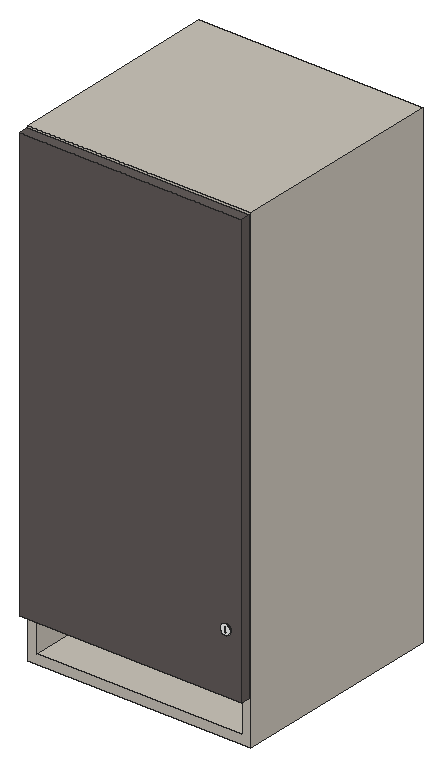
Revit family "Storage-Mounted-Teknion-BRHL_Tower_with_Full _Solid_Door_High_Secondary_Desk-R2019", category Furniture, Revit 2019
Family settings
  OmniClass Number = 23.40.70.14.64.21
  OmniClass Title = Systems Furniture
  Work Plane-Based = No
  Always vertical = Yes
  Cut with Voids When Loaded = No
  Shared = Yes
  Room Calculation Point = No
Parameters (values of type "18" x 18" x 66"")
  Width = 17.910"
  Warranty = "https://www.teknion.com/ca/warranty"
  Unit Weight URL = "http://www.teknion.com/pricing/expansion-casegoods/pdfs/wv.pdf"
  URL = "http://www.teknion.com/"
  Sustainability Data = "http://www.teknion.com/about-teknion/environment/datasheets.asp"
  Series = "Expansion Casegoods"  # constant formula
  Product Page URL = "https://www.teknion.com/products/product-details?productLineId=0053336e-8e7a-673b-a6c8-ff00004460c4"
  Product Line = "Expansion Casegoods"  # constant formula
  Product Documentation Link = "http://www.teknion.com/pricing/expansion-casegoods/pdfs/BRHL_ppg.pdf"
  Part Number = "BRHL"  # constant formula
  Model = "BRHLS181866_"
  Manufacturer Phone = "416-661-3370"
  Manufacturer Fax = "416.661.4586"
  Manufacturer Contact Information = "https://www.teknion.com/ca/contactus"
  Manufacturer Address = "1150 Flint Road, Toronto, ON. M3J 2J5. Canada"
  Manufacturer = "Teknion"  # constant formula
  Height = 65.374"
  Door Front Finish [instance] = Veneer - Teknion - VB - Flintwood - Black Walnut
  Description = "Tower with Full Solid Door - High Secondary Desk Mounted, Shelf Interior Configuration, 18\" Depth, 18\" Width, 66\" Height"
  Depth = 18.000"
  Case Finish [instance] = Source Laminate - Teknion - DE - Latte
  Assembly Code = "E2020200"
Types (2): name | Model | Height | Description
  18" x 18" x 66" | "BRHLS181866_" | 65.374" | "Tower with Full Solid Door - High Secondary Desk Mounted, Shelf Interior Configuration, 18\" Depth, 18\" Width, 66\" Height"
  18" x 18" x 72" | "BRHLS181872_" | 71.626" | "Tower with Full Solid Door - High Secondary Desk Mounted, Shelf Interior Configuration, 18\" Depth, 18\" Width, 72\" Height"
Reference planes (in)
  plane 1 "Center F/B": y = 0.045
  plane 2: z = 0
  plane 3 "Center L/R": x = 0
  plane 4 "Left": x = -8.955
  plane 5 "Right": x = 8.955
  plane 6 "Back": y = 9.045
  plane 7 "Front": y = -8.955
  plane 8 "Top": z = 65.374
  plane 9: y = -8.955
  plane 10 "Bottom of Pedestal": z = 26.97244
  plane 11: z = 46.17322
  plane 12: y = -9.01406
Forms (in)
  Sweep 1, solid, material "Veneer - Teknion - VB - Flintwood - Black Walnut" <- "Door Front Finish"
    path origin (0, -17.21, 0) x (0, -1, 0) y (-1, 0, 0)
      loop
        line (-8.95579, 0) -> (-8.255, 0)
    profile origin (0, -8.60461, 0) x (1, 0, 0) y (0, 0, 1)
      loop
        line (-8.89594, 65.25589) -> (-8.89594, 30.5748) -> (8.89594, 30.5748) -> (8.89594, 65.25589) -> (-8.89594, 65.25589)
  Sweep 2, solid, material "Source Laminate - Teknion - DE - Latte" <- "Case Finish"
    path origin (0, 0.045, 0) x (1, 0, 0) y (0, 0, 1)
      loop
        line (0, 26.97244) -> (0, 65.374)
    profile origin (0, 0.045, 46.17322) x (-1, 0, 0) y (0, -1, 0)
      loop
        line (8.955, -9) -> (8.955, 8.16142) -> (-8.955, 8.16142) -> (-8.955, -9) -> (8.955, -9)
  Sweep 3, void
    path origin (0, 0, 0) x (1, 0, 0) y (0, 1, 0)
      loop
        line (0, -8.955) -> (0, 9.045)
    profile origin (0, 0.045, 0) x (-1, 0, 0) y (0, 0, 1)
      loop
        line (8.25421, 27.67323) -> (8.25421, 30.51575) -> (-8.25421, 30.51575) -> (-8.25421, 27.67323) -> (8.25421, 27.67323)
  Extrusion 4, solid, material "Mica - Teknion - V - Satin - Very White"
    sketch origin (0, -8.955, 0) x (1, 0, 0) y (0, 0, 1)
      loop
        circle (7.61642, 35.41732) r 0.395
      loop
        line (7.5672, 35.60433) -> (7.5672, 35.23031) -> (7.66563, 35.23031) -> (7.66563, 35.60433) -> (7.5672, 35.60433)
    from 0 to 0.05906
Cuts and joins
  Sweep 3 cuts Sweep 2
Lines and regions (in)
  Masking region 1
    outline origin (0, 0, 65.374) x (-1, 0, 0) y (0, -1, 0)
      loop
        line (8.955, -9.045) -> (8.955, 8.955) -> (-8.955, 8.955) -> (-8.955, -9.045) -> (8.955, -9.045)
  Masking region 2
    outline origin (0, 0, 0) x (1, 0, 0) y (0, 1, 0)
      loop
        line (7.22142, -9.01406) -> (8.01142, -9.01406) -> (8.01142, -8.955) -> (7.22142, -8.955) -> (7.22142, -9.01406)
  symbolic lines
    curve 1: line (-8.955, -8.25421, 0) -> (8.955, -8.25421, 0)
    curve 4: line (-8.955, -8.11642, 0) -> (8.955, -8.11642, 0)
  symbolic lines, style "Hidden Lines"
    curve 2: line (8.955, 0.045, 65.25589) -> (-8.955, 0.045, 46.17322)
    curve 3: line (-8.955, 0.045, 46.17322) -> (8.955, 0.045, 30.60236)
  symbolic lines, style "Hidden Lines", detail levels medium+fine
    curve 5: line (-8.25421, 9.045, 0) -> (-8.25421, -8.11642, 0)
    curve 6: line (8.25421, -8.11642, 0) -> (8.25421, 9.045, 0)
Dimensions and locks (in)
  equal spacing: plane 4 "Left", plane 3 "Center L/R", plane 5 "Right"
  "Width": plane 4 "Left" to plane 5 "Right"
  equal spacing: plane 6 "Back", plane 1 "Center F/B", plane 7 "Front"
  "Depth": plane 6 "Back" to plane 7 "Front"
  locked: plane 9 to plane 7 "Front" at 0
  "Height": plane 8 "Top" to plane 2
  locked: plane 10 "Bottom of Pedestal" to plane 2 at 26.97244
  locked: plane 8 "Top" to Sweep 1 sketch curve at 0.11811
  locked: Sweep 1 sketch curve to plane 10 "Bottom of Pedestal" at 3.60236
  Sweep 3 sketch curve to Sweep 3 sketch curve to plane 10 "Bottom of Pedestal" = 2.84252" locked, 0.70079" locked
  locked: plane 7 "Front" to Sweep 1 sketch curve at 0.70079
  equal spacing: plane 8 "Top", plane 11, plane 10 "Bottom of Pedestal"
  plane 5 "Right" to Extrusion 4 sketch curve to Extrusion 4 sketch curve to Extrusion 4 sketch curve = 1.28937" locked, 0.04921" locked, 0.04921" locked
  Extrusion 4 sketch curve to Extrusion 4 sketch curve to Extrusion 4 sketch curve to plane 10 "Bottom of Pedestal" = 0.18701" locked, 0.18701" locked, 8.25787" locked
  locked: plane 12 to plane 7 "Front" at 0.05906
  locked: Sweep 2 sketch curve to plane 7 "Front" at 0.83858
  Masking region 2 sketch curve to Masking region 2 sketch curve to plane 5 "Right" = 0.790" locked, 0.94358" locked
  locked: Sweep 1 sketch curve to plane 4 "Left" at 0.05906
  locked: plane 5 "Right" to Sweep 1 sketch curve at 0.05906
  aligned and locked: level to plane 2
  aligned and locked: Masking region 1 sketch curve to plane 5 "Right"
  aligned and locked: Masking region 1 sketch curve to plane 4 "Left"
  aligned and locked: Masking region 1 sketch curve to plane 6 "Back"
  aligned and locked: Masking region 1 sketch curve to plane 7 "Front"
  aligned and locked: plane 8 "Top" to Sweep 2 sketch curve
  aligned and locked: plane 3 "Center L/R" to Sweep 2 sketch curve
  aligned and locked: Sweep 2 sketch curve to plane 6 "Back"
  aligned and locked: plane 4 "Left" to Sweep 2 sketch curve
  aligned and locked: Sweep 2 sketch curve to plane 5 "Right"
  aligned and locked: plane 10 "Bottom of Pedestal" to Sweep 2 sketch curve
  aligned and locked: plane 7 "Front" to Sweep 3 sketch curve
  aligned and locked: Sweep 3 sketch curve to plane 3 "Center L/R"
  aligned and locked: plane 6 "Back" to Sweep 3 sketch curve
  aligned and locked: curve 1 to Sweep 1
  aligned and locked: plane 4 "Left" to curve 1
  aligned and locked: plane 5 "Right" to curve 1
  aligned and locked: nested 1 to plane 3 "Center L/R"
  aligned and locked: nested 1 to plane 7 "Front"
  aligned and locked: plane 5 "Right" to curve 2
  aligned and locked: plane 11 to curve 3
  aligned and locked: plane 5 "Right" to curve 3
  aligned and locked: plane 12 to Extrusion 4
  aligned and locked: Extrusion 4 to plane 7 "Front"
  aligned and locked: curve 4 to cut or joined group of Sweep 2, Sweep 3
  aligned and locked: Masking region 2 sketch curve to Extrusion 4  (x2)
  aligned and locked: curve 5 to cut or joined group of Sweep 2, Sweep 3
  aligned and locked: curve 6 to cut or joined group of Sweep 2, Sweep 3
Automatic sketch dimensions
  curve 2 to plane 4 "Left" = 0.000"
  plane 10 "Bottom of Pedestal" to curve 3 = 3.62992"
  curve 2 to plane 8 "Top" = 0.11811"
  Sweep 1 sketch curve to plane 3 "Center L/R" = 0.000"
  plane 7 "Front" to Sweep 1 sketch curve = 0.000"
  curve 4 to plane 4 "Left" = 0.000"
  curve 4 to plane 5 "Right" = 0.000"
  profile plane to Sweep 3 sketch curve = 8.25421"
  Sweep 3 sketch curve to profile plane = 8.25421"
  curve 5 to plane 6 "Back" = 0.000"
  curve 6 to plane 6 "Back" = 0.000"
  radius of Extrusion 4 sketch curve = 0.395"
Nested families (in)
  nested 1: "Door-Swing_Symbol-Teknion-2D" at (0, -8.955, 0) x (-1, 0, 0) z (0, 0, 1), type "Door-Swing_Symbol-Teknion-2D", detail levels fine
Definition of nested family "Door-Swing_Symbol-Teknion-2D"
  Parameters
    Swing Width = 26.000"
  Reference planes (in)
    plane 1 "Center (Front/Back)": y = 0
    plane 2: z = 0
    plane 3 "Center (Left/Right)": x = 0
    plane 4: x = -13
    plane 5: x = 13
  Lines and regions (in)
    detail lines, in view "Ref. Level"
      curve 1: line (13, 0, 0) -> (13, -26, 0)
      curve 2: arc (-13, 0, 0) -> (-5.38478, -18.38478, 0) -> (13, -26, 0) r 26
  Dimensions and locks (in)
    equal spacing: plane 4, plane 3 "Center (Left/Right)", plane 5
    "Swing Width": plane 4 to plane 5
    "Swing Width": curve 1 to plane 1 "Center (Front/Back)"
    "Swing Width": radius of curve 2
    aligned and locked: plane 1 "Center (Front/Back)" to curve 1
  Automatic sketch dimensions
    curve 2 to plane 4 = 0.000"
